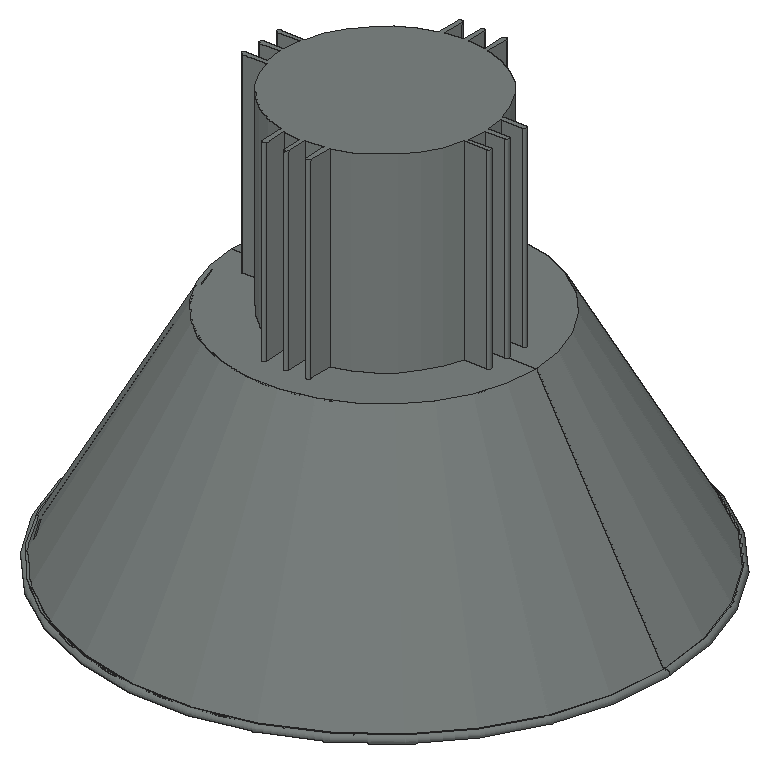
Revit family "C16", category Lighting Fixtures, Revit 2024
Family settings
  Round Connector Dimension = Use Diameter
  Part Type = Normal
  OmniClass Number = 23.80.70.00
  OmniClass Title = Lighting
  Work Plane-Based = No
  Always vertical = Yes
  Cut with Voids When Loaded = No
  Light Source = No
  Maintain Annotation Orientation = No
  Shared = No
  Room Calculation Point = No
Parameters
  Default Elevation = 0' - 0"
Reference planes (in)
  plane 1 "Light Source Axis (F/B)": y = 0
  plane 2: z = 0
  plane 3 "Light Source Axis (L/R)": x = 0
  plane 4 "Light Source Elevation": z = 54
Forms (in)
  Sweep 1, solid, material "GLASS SHADE", not visible
    path origin (75.968, 0, 0.00093) x (1, 0, 0) y (0, 0, 1)
      loop
        arc (-4.5864, 68.3252) -> (-8.91952, 61.72019) -> (-10.59309, 54) r 21.63816
    profile origin (67.04848, 0, 61.72112) x (0.922209, 0, -0.386691) y (0, -1, 0)
      loop
        circle (0, 0) r 0.03125
  Revolve 2, solid, material "74"
    sketch origin (0, 0, 0) x (1, 0, 0) y (0, 0, 1)
      loop
        line (7.85403, 54.2) -> (4.2837, 60.5) -> (2.2837, 60.5) -> (2.2837, 60.40625) -> (4.22907, 60.40625) -> (7.77247, 54.15378) -> (7.80012, 54.10498)
        arc (7.80012, 54.10498) -> (7.96893, 54.02755) -> (7.9, 54.2) r 0.1
        line (7.9, 54.2) -> (7.85403, 54.2)
      axis (0, 60.5) -> (0, 54.10498)
    angle from 0 to 360
  Extrusion 3, solid, material "74"
    sketch origin (-33.82324, -11.72601, 60.5) x (1, 0, 0) y (0, 1, 0)
      loop
        arc (36.64267, 11.16351) -> (36.68107, 11.4123) -> (36.69756, 11.66351) r 2.875
        line (36.69756, 11.66351) -> (37.26074, 11.66351)
        arc (37.26074, 11.66351) -> (37.32324, 11.72601) -> (37.26074, 11.78851) r 0.0625
        line (37.26074, 11.78851) -> (36.69756, 11.78851)
        arc (36.69756, 11.78851) -> (36.68107, 12.03971) -> (36.64267, 12.28851) r 2.875
        line (36.64267, 12.28851) -> (37.26074, 12.28851)
        arc (37.26074, 12.28851) -> (37.32324, 12.35101) -> (37.26074, 12.41351) r 0.0625
        line (37.26074, 12.41351) -> (36.61483, 12.41351)
        arc (36.61483, 12.41351) -> (35.85617, 13.75894) -> (34.51074, 14.51759) r 2.875
        line (34.51074, 14.51759) -> (34.51074, 15.16351)
        arc (34.51074, 15.16351) -> (34.44824, 15.22601) -> (34.38574, 15.16351) r 0.0625
        line (34.38574, 15.16351) -> (34.38574, 14.54544)
        arc (34.38574, 14.54544) -> (34.13694, 14.58384) -> (33.88574, 14.60033) r 2.875
        line (33.88574, 14.60033) -> (33.88574, 15.16351)
        arc (33.88574, 15.16351) -> (33.82324, 15.22601) -> (33.76074, 15.16351) r 0.0625
        line (33.76074, 15.16351) -> (33.76074, 14.60033)
        arc (33.76074, 14.60033) -> (33.50953, 14.58384) -> (33.26074, 14.54544) r 2.875
        line (33.26074, 14.54544) -> (33.26074, 15.16351)
        arc (33.26074, 15.16351) -> (33.19824, 15.22601) -> (33.13574, 15.16351) r 0.0625
        line (33.13574, 15.16351) -> (33.13574, 14.51759)
        arc (33.13574, 14.51759) -> (31.7903, 13.75894) -> (31.03165, 12.41351) r 2.875
        line (31.03165, 12.41351) -> (30.38574, 12.41351)
        arc (30.38574, 12.41351) -> (30.32324, 12.35101) -> (30.38574, 12.28851) r 0.0625
        line (30.38574, 12.28851) -> (31.0038, 12.28851)
        arc (31.0038, 12.28851) -> (30.9654, 12.03971) -> (30.94892, 11.78851) r 2.875
        line (30.94892, 11.78851) -> (30.38574, 11.78851)
        arc (30.38574, 11.78851) -> (30.32324, 11.72601) -> (30.38574, 11.66351) r 0.0625
        line (30.38574, 11.66351) -> (30.94892, 11.66351)
        arc (30.94892, 11.66351) -> (30.9654, 11.4123) -> (31.0038, 11.16351) r 2.875
        line (31.0038, 11.16351) -> (30.38574, 11.16351)
        arc (30.38574, 11.16351) -> (30.32324, 11.10101) -> (30.38574, 11.03851) r 0.0625
        line (30.38574, 11.03851) -> (31.06853, 11.03851)
        arc (31.06853, 11.03851) -> (31.81378, 9.70657) -> (33.13574, 8.94376) r 2.875
        line (33.13574, 8.94376) -> (33.13574, 8.28851)
        arc (33.13574, 8.28851) -> (33.19824, 8.22601) -> (33.26074, 8.28851) r 0.0625
        line (33.26074, 8.28851) -> (33.26074, 8.90657)
        arc (33.26074, 8.90657) -> (33.50953, 8.86817) -> (33.76074, 8.85169) r 2.875
        line (33.76074, 8.85169) -> (33.76074, 8.28851)
        arc (33.76074, 8.28851) -> (33.82324, 8.22601) -> (33.88574, 8.28851) r 0.0625
        line (33.88574, 8.28851) -> (33.88574, 8.85169)
        arc (33.88574, 8.85169) -> (34.13694, 8.86817) -> (34.38574, 8.90657) r 2.875
        line (34.38574, 8.90657) -> (34.38574, 8.28851)
        arc (34.38574, 8.28851) -> (34.44824, 8.22601) -> (34.51074, 8.28851) r 0.0625
        line (34.51074, 8.28851) -> (34.51074, 8.93442)
        arc (34.51074, 8.93442) -> (35.85617, 9.69307) -> (36.61483, 11.03851) r 2.875
        line (36.61483, 11.03851) -> (37.26074, 11.03851)
        arc (37.26074, 11.03851) -> (37.32324, 11.10101) -> (37.26074, 11.16351) r 0.0625
        line (37.26074, 11.16351) -> (36.64267, 11.16351)
    from 0 to 5.5
Dimensions and locks (in)
  aligned and locked: level to plane 2
